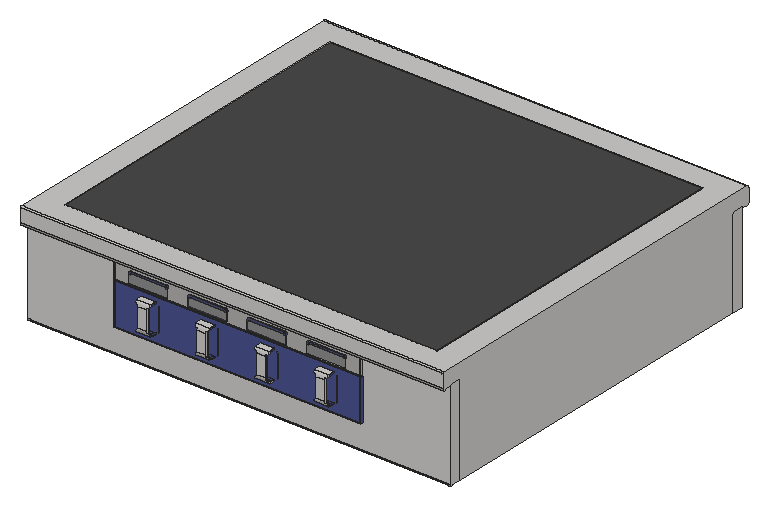
Revit family "QF_ELECTROLUXPROFESSIONAL_589018_MCCDAAJOAO", category Specialty Equipment, Revit 2018
Family settings
  Round Connector Dimension = Use Diameter
  Part Type = Normal
  Work Plane-Based = No
  Always vertical = Yes
  Cut with Voids When Loaded = No
  Shared = No
  Room Calculation Point = No
Parameters
  Weight in Pounds = 110.23
  Watts = 16000 VA  # 16000 W
  Volts = 400 V  # constant formula
  URL Cutsheet = ""
  Type Mark [instance] = ""
  Status [instance] = ""
  Specification by User [instance] = ""
  Specification by Manufacturer = ""
  Serial Number = ""
  Seismic Rating = ""
  SMACNA No = ""
  Revision Code [instance] = ""
  Phase = 3  # constant formula
  Omniclass Number and Title = ""
  Number of Poles [instance] = 1
  NAFEM Spec ID Number = ""
  Model = "589018"
  Min Ckt Ampacity = 0 A
  Max Overcurrent Protection = 0 A
  Masterspec = ""
  Manufacturer = "ELECTROLUX"
  Item Number [instance] = ""
  Installed By [instance] = ""
  Identify Quantity as Lot [instance] = yes
  HP = "21.5 HP"
  Furnished By [instance] = ""
  Foodservice Equipment Identifier [instance] = yes
  FL Amps [instance] = if(Phase = 3, Watts / (Volts * 1.73), Watts / Volts)  # 23.1214 A
  Electrical Remarks = "400 V/3N ph/50/60 Hz"  # constant formula
  Electric Connection Type [instance] = ""
  Elec Conn RI Height [instance] = 0 mm
  Elec Conn Connection Height [instance] = 0 mm
  Direct Waste Size = 0"
  Description = "INFRARED TOP,4 ZONE,1-SIDE,1000X900X250H"
  Cycle [instance] = if([60 Hertz Option], 60 Hz, 50 Hz)  # 60 Hz
  Conn Plug = ""
  Conn Conduit = yes
  CSI MasterFormat = ""
  CSI Master Format = ""
  Back Panel [instance] = yes
  Apparent Power [instance] = if(Phase = 3, Volts * FL Amps * 1.73, Volts * FL Amps)  # 16000 VA
  60 Hertz Option [instance] = not([50 Hertz Option])  # yes
  50 Hertz Option [instance] = no
Reference planes
  plane 1 "BACK": y = 0
  plane 2: z = 0
  plane 3 "LEFT": x = 0
  plane 4 "RIGHT": x = 1000
  plane 5 "FRONT": y = -900
  plane 6 "TOP": z = 250
  plane 7: x = 500
  plane 8: y = -450
  plane 9: x = 955
Forms (mm)
  Extrusion 1, solid, material "QF_Finishes_Stainless Steel"
    sketch origin (0, -487.128, 0) x (0, 1, 0) y (0, 0, 1)
      loop
        line (483.128, 250) -> (-408.872, 250)
        arc (-408.872, 250) -> (-411.7, 248.828) -> (-412.872, 246) r 4
        line (-412.872, 246) -> (-412.872, 214)
        arc (-412.872, 214) -> (-411.443, 210.936) -> (-408.177, 210.061) r 4
        line (-408.177, 210.061) -> (-391.509, 213) -> (-366.872, 213) -> (-366.872, 0) -> (441.128, 0) -> (441.128, 213) -> (465.765, 213) -> (482.433, 210.061)
        arc (482.433, 210.061) -> (485.699, 210.936) -> (487.128, 214) r 4
        line (487.128, 214) -> (487.128, 246)
        arc (487.128, 246) -> (485.956, 248.828) -> (483.128, 250) r 4
    from 0 to 1000
  Extrusion 2, solid, material "QF_Finishes_Stainless Steel", visible <- "Back Panel"
    sketch origin (0, 0, 0) x (0, 1, 0) y (0, 0, 1)
      loop
        line (-46, 0) -> (-20, 0) -> (-20, 213) -> (-46, 213) -> (-46, 0)
    from 0 to 1000
  Extrusion 3, void
    sketch origin (653.786, 44.048, 250) x (1, 0, 0) y (0, -1, 0)
      loop
        line (-593.786, 104.048) -> (286.214, 104.048) -> (286.214, 887.779) -> (-593.786, 887.779) -> (-593.786, 104.048)
    from 0 to 37
  Extrusion 4, solid, material "QF_Finishes_Stainless Steel"
    sketch origin (0, -854, 0) x (1, 0, 0) y (0, -1, 0)
      loop
        circle (955, -169) r 6.35
    from 0 to 3.2
  Extrusion 5, solid, material "QF_Finishes_Black"
    sketch origin (653.786, 44.048, 213) x (1, 0, 0) y (0, 1, 0)
      loop
        line (-593.786, -887.779) -> (286.214, -887.779) -> (286.214, -104.048) -> (-593.786, -104.048) -> (-593.786, -887.779)
    from 0 to 37
Cuts and joins
  Extrusion 3 cuts Extrusion 1
Lines and regions (mm)
  symbolic lines
    curve 1: line (0, 0, 0) -> (1000, 0, 0)
    curve 2: line (0, -900, 0) -> (0, 0, 0)
    curve 3: line (1000, -900, 0) -> (0, -900, 0)
    curve 4: line (1000, 0, 0) -> (1000, -900, 0)
    curve 5: line (940, -843.73, 0) -> (940, -60, 0)
    curve 6: line (940, -60, 0) -> (60, -60, 0)
    curve 7: line (60, -60, 0) -> (60, -843.73, 0)
    curve 8: line (60, -843.73, 0) -> (940, -843.73, 0)
    curve 9: line (273.641, -902.406, 0) -> (273.641, -900, 0)
    curve 10: spline (279.31, -903.811, 0) -> (278.831, -903.737, 0) -> (278.353, -903.656, 0) -> (277.876, -903.566, 0) -> (277.4, -903.469, 0) -> (276.925, -903.364, 0) -> (276.452, -903.25, 0) -> (275.98, -903.129, 0) -> (275.509, -903, 0) -> (275.039, -902.863, 0) -> (274.572, -902.719, 0) -> (274.105, -902.566, 0) -> (273.641, -902.406, 0)
    curve 11: line (305.857, -902.406, 0) -> (305.857, -900, 0)
    curve 12: spline (305.857, -902.406, 0) -> (305.392, -902.566, 0) -> (304.926, -902.719, 0) -> (304.458, -902.863, 0) -> (303.989, -903, 0) -> (303.518, -903.129, 0) -> (303.046, -903.25, 0) -> (302.572, -903.364, 0) -> (302.098, -903.469, 0) -> (301.622, -903.566, 0) -> (301.145, -903.656, 0) -> (300.667, -903.737, 0) -> (300.188, -903.811, 0)
    curve 13: line (279.31, -903.811, 0) -> (300.188, -903.811, 0)
    curve 14: line (413.892, -902.406, 0) -> (413.892, -900, 0)
    curve 15: spline (419.561, -903.811, 0) -> (419.082, -903.737, 0) -> (418.604, -903.656, 0) -> (418.127, -903.566, 0) -> (417.651, -903.469, 0) -> (417.177, -903.364, 0) -> (416.703, -903.25, 0) -> (416.231, -903.129, 0) -> (415.76, -903, 0) -> (415.29, -902.863, 0) -> (414.823, -902.719, 0) -> (414.357, -902.566, 0) -> (413.892, -902.406, 0)
    curve 16: line (446.108, -902.406, 0) -> (446.108, -900, 0)
    curve 17: spline (446.108, -902.406, 0) -> (445.643, -902.566, 0) -> (445.177, -902.719, 0) -> (444.71, -902.863, 0) -> (444.24, -903, 0) -> (443.769, -903.129, 0) -> (443.297, -903.25, 0) -> (442.823, -903.364, 0) -> (442.349, -903.469, 0) -> (441.873, -903.566, 0) -> (441.396, -903.656, 0) -> (440.918, -903.737, 0) -> (440.439, -903.811, 0)
    curve 18: line (419.561, -903.811, 0) -> (440.439, -903.811, 0)
    curve 19: line (726.359, -902.406, 0) -> (726.359, -900, 0)
    curve 20: spline (720.69, -903.811, 0) -> (721.169, -903.737, 0) -> (721.647, -903.656, 0) -> (722.124, -903.566, 0) -> (722.6, -903.469, 0) -> (723.075, -903.364, 0) -> (723.548, -903.25, 0) -> (724.02, -903.129, 0) -> (724.491, -903, 0) -> (724.961, -902.863, 0) -> (725.428, -902.719, 0) -> (725.895, -902.566, 0) -> (726.359, -902.406, 0)
    curve 21: line (694.143, -902.406, 0) -> (694.143, -900, 0)
    curve 22: spline (694.143, -902.406, 0) -> (694.608, -902.566, 0) -> (695.074, -902.719, 0) -> (695.542, -902.863, 0) -> (696.011, -903, 0) -> (696.482, -903.129, 0) -> (696.954, -903.25, 0) -> (697.428, -903.364, 0) -> (697.902, -903.469, 0) -> (698.378, -903.566, 0) -> (698.855, -903.656, 0) -> (699.333, -903.737, 0) -> (699.812, -903.811, 0)
    curve 23: line (720.69, -903.811, 0) -> (699.812, -903.811, 0)
    curve 24: line (586.108, -902.406, 0) -> (586.108, -900, 0)
    curve 25: spline (580.439, -903.811, 0) -> (580.918, -903.737, 0) -> (581.396, -903.656, 0) -> (581.873, -903.566, 0) -> (582.349, -903.469, 0) -> (582.823, -903.364, 0) -> (583.297, -903.25, 0) -> (583.769, -903.129, 0) -> (584.24, -903, 0) -> (584.71, -902.863, 0) -> (585.177, -902.719, 0) -> (585.643, -902.566, 0) -> (586.108, -902.406, 0)
    curve 26: line (553.892, -902.406, 0) -> (553.892, -900, 0)
    curve 27: spline (553.892, -902.406, 0) -> (554.357, -902.566, 0) -> (554.823, -902.719, 0) -> (555.29, -902.863, 0) -> (555.76, -903, 0) -> (556.231, -903.129, 0) -> (556.703, -903.25, 0) -> (557.177, -903.364, 0) -> (557.651, -903.469, 0) -> (558.127, -903.566, 0) -> (558.604, -903.656, 0) -> (559.082, -903.737, 0) -> (559.561, -903.811, 0)
    curve 28: line (580.439, -903.811, 0) -> (559.561, -903.811, 0)
Dimensions and locks
  plane 3 "LEFT" to plane 4 "RIGHT" = 1000 mm
  plane 5 "FRONT" to plane 1 "BACK" = 900 mm
  equal spacing: plane 3 "LEFT", plane 7, plane 4 "RIGHT"
  equal spacing: plane 5 "FRONT", plane 8, plane 1 "BACK"
  plane 6 "TOP" to level = 250 mm  (x2)
  plane 1 "BACK" to plane 5 "FRONT" = 900 mm
  Extrusion 4 sketch curve to plane 1 "BACK" = 685 mm
  Extrusion 4 sketch curve to plane 4 "RIGHT" = 45 mm
  plane 9 to plane 4 "RIGHT" = 45 mm
  plane 1 "BACK" to Extrusion 4 = 685 mm
  aligned and locked: level to plane 2
  aligned and locked: cut or joined group of Extrusion 1, Extrusion 3 to plane 4 "RIGHT"
  aligned and locked: Extrusion 2 to plane 4 "RIGHT"
  aligned and locked: plane 7 to nested 1
Automatic sketch dimensions
  Extrusion 1 sketch curve to plane 5 "FRONT" = 0 mm
  Extrusion 1 sketch curve to plane 6 "TOP" = 0 mm
  Extrusion 1 sketch curve to level = 0 mm
  Extrusion 1 sketch curve to plane 1 "BACK" = 0 mm
  Extrusion 1 sketch curve to plane 6 "TOP" = 37 mm  (x2)
  Extrusion 1 sketch curve to plane 5 "FRONT" = 4 mm
  Extrusion 1 sketch curve to plane 5 "FRONT" = 21.363 mm
  Extrusion 1 sketch curve to Extrusion 1 sketch curve = 24.637 mm
  plane 1 "BACK" to Extrusion 1 sketch curve = 46 mm
  plane 1 "BACK" to Extrusion 1 sketch curve = 21.363 mm
  plane 1 "BACK" to Extrusion 1 sketch curve = 4 mm  (x2)
  Extrusion 1 sketch curve to Extrusion 1 sketch curve = 4 mm
  Extrusion 1 sketch curve to Extrusion 1 sketch curve = 0.695 mm
  Extrusion 1 sketch curve to Extrusion 1 sketch curve = 0 mm  (x4)
  plane 1 "BACK" to Extrusion 1 sketch curve = 4.695 mm
  Extrusion 1 sketch curve to Extrusion 1 sketch curve = 1 mm  (x2)
  Extrusion 2 sketch curve to level = 0 mm
  Extrusion 2 sketch curve to Extrusion 2 sketch curve = 26 mm
  plane 1 "BACK" to curve 1 = 0 mm
  curve 1 to plane 4 "RIGHT" = 0 mm
  curve 2 to plane 3 "LEFT" = 0 mm
  plane 5 "FRONT" to curve 3 = 0 mm
  plane 4 "RIGHT" to curve 8 = 60 mm
  plane 5 "FRONT" to curve 19 = 2.406 mm
  curve 5 to curve 19 = 213.641 mm
  plane 5 "FRONT" to curve 23 = 3.811 mm
  curve 19 to curve 23 = 5.669 mm
  curve 20 to curve 23 = 20.878 mm
  plane 5 "FRONT" to curve 21 = 2.406 mm
  curve 23 to curve 21 = 5.669 mm
  plane 5 "FRONT" to curve 24 = 2.406 mm
  plane 7 to curve 24 = 86.108 mm
  plane 5 "FRONT" to curve 28 = 3.811 mm
  curve 24 to curve 28 = 5.669 mm
  curve 25 to curve 28 = 20.878 mm
  plane 5 "FRONT" to curve 26 = 2.406 mm
  curve 27 to curve 26 = 5.669 mm
  plane 5 "FRONT" to curve 16 = 2.406 mm
  curve 16 to plane 7 = 53.892 mm
  plane 5 "FRONT" to curve 18 = 3.811 mm
  curve 16 to curve 18 = 5.669 mm
  curve 18 to curve 18 = 20.878 mm
  plane 5 "FRONT" to curve 14 = 2.406 mm
  curve 15 to curve 14 = 5.669 mm
  plane 5 "FRONT" to curve 11 = 2.406 mm
  curve 14 to curve 11 = 108.035 mm
  plane 5 "FRONT" to curve 13 = 3.811 mm
  curve 11 to curve 13 = 5.669 mm
  curve 12 to curve 13 = 20.878 mm
  plane 5 "FRONT" to curve 9 = 2.406 mm
  curve 10 to curve 9 = 5.669 mm
  plane 3 "LEFT" to curve 7 = 60 mm
  plane 5 "FRONT" to curve 20 = 4.112 mm
  curve 20 to curve 20 = 4.17 mm
  plane 5 "FRONT" to curve 22 = 4.112 mm
  curve 22 to curve 22 = 4.17 mm
  curve 24 to curve 25 = 9.839 mm
  plane 5 "FRONT" to curve 27 = 4.112 mm
  curve 27 to curve 28 = 4.17 mm
  curve 16 to curve 17 = 9.839 mm
  curve 17 to curve 15 = 12.538 mm
  curve 11 to curve 12 = 9.839 mm
  curve 12 to curve 10 = 12.538 mm
  plane 1 "BACK" to curve 7 = 60 mm
  curve 8 to plane 5 "FRONT" = 56.27 mm
  curve 27 to curve 25 = 0 mm
  curve 12 to plane 5 "FRONT" = 39.02 mm
  curve 17 to plane 5 "FRONT" = 39.02 mm
  curve 15 to curve 17 = 0 mm
  curve 10 to curve 12 = 0 mm
  Extrusion 1 to Extrusion 3 sketch curve = 60 mm  (x2)
  Extrusion 1 to Extrusion 3 sketch curve = 52.27 mm
  Extrusion 1 to Extrusion 3 sketch curve = 56 mm
  Extrusion 5 sketch curve to Extrusion 3 = 0 mm  (x3)
  Extrusion 3 to Extrusion 5 sketch curve = 0 mm
  plane 1 "BACK" to Extrusion 2 sketch curve = 20 mm
  Extrusion 2 sketch curve to plane 6 "TOP" = 37 mm
  radius of Extrusion 4 sketch curve = 6.35 mm
Nested families
  nested 1: "IDT_900_1000 Front Panel fOUR cONTROLS" at (-100, -854, -650), type "IDT_900_1000 Front Panel fOUR cONTROLS"
Connectors
  electrical at (955, -685, -3.2), driven by "Volts", driven by "Watts"
    settings: on Extrusion 4, index 1, voltage 400 V, apparent load 16000 VA, apparent load phase1 0 VA, apparent load phase2 0 VA, apparent load phase3 0 VA, power factor 1, load classification "Other", number of poles 1, system type 30, power factor state 1, is connector primary yes, connector utility no, sub classification motor no, connector description "ELECTRICAL CONNECTION"
Definition of nested family "IDT_900_1000 Front Panel fOUR cONTROLS"
  Parameters
    Keynote = ""
  Reference planes
    plane 1 "Center (Front/Back)": y = 0
    plane 2: z = 0
    plane 3 "Center (Left/Right)": x = 100
    plane 4: x = 600
    plane 5: x = 389.749
    plane 6: x = 530
    plane 7: x = 670.079
    plane 8: x = 809.948
  Forms (mm)
    Extrusion 1, void
      sketch origin (1213.217, 829.203, -1.25) x (1, 0, 0) y (0, 0, 1)
        loop
          line (-321.217, 853.25) -> (-905.217, 853.25) -> (-905.217, 711.25) -> (-321.217, 711.25) -> (-321.217, 853.25)
      from 843.409 to 854.203
    Extrusion 2, solid
      sketch origin (1133.217, 829.203, -1.25) x (0, 1, 0) y (0, 0, 1)
        loop
          arc (-854.203, 654.25) -> (-853.324, 652.129) -> (-851.203, 651.25) r 3
          line (-851.203, 651.25) -> (-829.203, 651.25) -> (-829.203, 864.25) -> (-854.203, 864.25) -> (-854.203, 654.25)
      from -1033.217 to -33.217
  Nested families
    nested 1: "1200 Glass Panel with Four Reads" at (308, -30, 5.811), type "1200 Glass Panel with Four Reads"
    nested 2: "Sml  Range Control Handle" at (389.749, -26.645, -204.867), type "Sml  Range Control Handle"
    nested 3: "Sml  Range Control Handle" at (529.638, -26.645, -204.867), type "Sml  Range Control Handle"
    nested 4: "Sml  Range Control Handle" at (670.079, -26.645, -204.867), type "Sml  Range Control Handle"
    nested 5: "Sml  Range Control Handle" at (810.079, -26.645, -204.867), type "Sml  Range Control Handle"
  Definition of nested family "1200 Glass Panel with Four Reads"
    Reference planes
      plane 1 "Center (Front/Back)": y = 0
      plane 2: z = 0
      plane 3 "Center (Left/Right)": x = 0
      plane 4: x = 584
      plane 5: x = 581.091
      plane 6 "Top": z = 846.189
      plane 7 "Center": x = 292
    Forms (mm)
      Extrusion 1, solid
        sketch origin (550.286, 304.8, -4.308) x (1, 0, 0) y (0, 0, 1)
          loop
            line (-550.286, 806.791) -> (-550.286, 708.497) -> (33.714, 708.497) -> (33.714, 806.791) -> (-550.286, 806.791)
        from 300.031 to 304.8
      Extrusion 2, solid
        sketch origin (550.286, 304.8, -4.308) x (1, 0, 0) y (0, 0, 1)
          loop
            line (-550.286, 850.497) -> (-550.286, 806.791) -> (33.714, 806.791) -> (33.714, 850.497) -> (-550.286, 850.497)
        from 300.031 to 304.8
      Extrusion 3, void
        sketch origin (550.286, 304.8, -4.308) x (1, 0, 0) y (0, 0, 1)
          loop
            line (-547.628, 847.565) -> (-547.628, 710.699) -> (30.804, 710.699) -> (30.804, 847.565) -> (-547.628, 847.565)
        from 303.697 to 304.8
      Extrusion 4, solid, not visible
        sketch origin (550.286, 305.901, -4.308) x (1, 0, 0) y (0, 0, 1)
          loop
            line (-153.041, 812.62) -> (-153.041, 834.177) -> (-157.775, 834.177) -> (-159.574, 835.977) -> (-238.324, 835.977) -> (-240.124, 834.177) -> (-245.041, 834.177) -> (-245.041, 812.62) -> (-153.041, 812.62)
        from 304.798 to 306.745
      Extrusion 5, solid, not visible
        sketch origin (550.286, 305.901, -4.308) x (1, 0, 0) y (0, 0, 1)
          loop
            line (-240.027, 834.177) -> (-238.227, 835.977) -> (-159.594, 835.977) -> (-157.794, 834.177) -> (-153.083, 834.177)
            arc (-153.083, 834.177) -> (-154.26, 838.752) -> (-158.535, 840.763) r 5.549
            line (-158.535, 840.763) -> (-239.444, 840.763)
            arc (-239.444, 840.763) -> (-243.699, 838.747) -> (-244.835, 834.177) r 5.5
            line (-244.835, 834.177) -> (-240.027, 834.177)
        from 304.798 to 306.745
      Extrusion 6, solid
        sketch origin (700.989, 305.901, -4.308) x (1, 0, 0) y (0, 0, 1)
          loop
            line (-153.041, 812.62) -> (-153.041, 834.177) -> (-157.775, 834.177) -> (-159.574, 835.977) -> (-238.324, 835.977) -> (-240.124, 834.177) -> (-245.041, 834.177) -> (-245.041, 812.62) -> (-153.041, 812.62)
        from 304.798 to 306.745
      Extrusion 7, solid
        sketch origin (700.989, 305.901, -4.308) x (1, 0, 0) y (0, 0, 1)
          loop
            line (-240.027, 834.177) -> (-238.227, 835.977) -> (-159.594, 835.977) -> (-157.794, 834.177) -> (-153.083, 834.177)
            arc (-153.083, 834.177) -> (-154.26, 838.752) -> (-158.535, 840.763) r 5.549
            line (-158.535, 840.763) -> (-239.444, 840.763)
            arc (-239.444, 840.763) -> (-243.699, 838.747) -> (-244.835, 834.177) r 5.5
            line (-244.835, 834.177) -> (-240.027, 834.177)
        from 304.798 to 306.745
      Extrusion 8, solid
        sketch origin (560.989, 305.901, -4.308) x (1, 0, 0) y (0, 0, 1)
          loop
            line (-153.041, 812.62) -> (-153.041, 834.177) -> (-157.775, 834.177) -> (-159.574, 835.977) -> (-238.324, 835.977) -> (-240.124, 834.177) -> (-245.041, 834.177) -> (-245.041, 812.62) -> (-153.041, 812.62)
        from 304.798 to 306.745
      Extrusion 9, solid
        sketch origin (560.989, 305.901, -4.308) x (1, 0, 0) y (0, 0, 1)
          loop
            line (-240.027, 834.177) -> (-238.227, 835.977) -> (-159.594, 835.977) -> (-157.794, 834.177) -> (-153.083, 834.177)
            arc (-153.083, 834.177) -> (-154.26, 838.752) -> (-158.535, 840.763) r 5.549
            line (-158.535, 840.763) -> (-239.444, 840.763)
            arc (-239.444, 840.763) -> (-243.699, 838.747) -> (-244.835, 834.177) r 5.5
            line (-244.835, 834.177) -> (-240.027, 834.177)
        from 304.798 to 306.745
      Extrusion 10, solid
        sketch origin (700.989, 305.901, -4.308) x (1, 0, 0) y (0, 0, 1)
          loop
            line (-665.188, 812.62) -> (-573.188, 812.62) -> (-573.188, 834.177) -> (-578.105, 834.177) -> (-579.905, 835.977) -> (-658.655, 835.977) -> (-660.455, 834.177) -> (-665.188, 834.177) -> (-665.188, 812.62)
        from 304.798 to 306.745
      Extrusion 11, solid
        sketch origin (700.989, 305.901, -4.308) x (1, 0, 0) y (0, 0, 1)
          loop
            line (-578.203, 834.177) -> (-573.394, 834.177)
            arc (-573.394, 834.177) -> (-574.53, 838.747) -> (-578.786, 840.763) r 5.5
            line (-578.786, 840.763) -> (-659.695, 840.763)
            arc (-659.695, 840.763) -> (-663.97, 838.752) -> (-665.146, 834.177) r 5.549
            line (-665.146, 834.177) -> (-660.435, 834.177) -> (-658.636, 835.977) -> (-580.003, 835.977) -> (-578.203, 834.177)
        from 304.798 to 306.745
      Extrusion 12, solid
        sketch origin (560.989, 305.901, -4.308) x (1, 0, 0) y (0, 0, 1)
          loop
            line (-385.188, 812.62) -> (-293.188, 812.62) -> (-293.188, 834.177) -> (-298.105, 834.177) -> (-299.905, 835.977) -> (-378.655, 835.977) -> (-380.455, 834.177) -> (-385.188, 834.177) -> (-385.188, 812.62)
        from 304.798 to 306.745
      Extrusion 13, solid
        sketch origin (560.989, 305.901, -4.308) x (1, 0, 0) y (0, 0, 1)
          loop
            line (-298.203, 834.177) -> (-293.394, 834.177)
            arc (-293.394, 834.177) -> (-294.53, 838.747) -> (-298.786, 840.763) r 5.5
            line (-298.786, 840.763) -> (-379.695, 840.763)
            arc (-379.695, 840.763) -> (-383.97, 838.752) -> (-385.146, 834.177) r 5.549
            line (-385.146, 834.177) -> (-380.435, 834.177) -> (-378.636, 835.977) -> (-300.003, 835.977) -> (-298.203, 834.177)
        from 304.798 to 306.745
    Cuts and joins
      Extrusion 3 cuts Extrusion 1
      Extrusion 3 cuts Extrusion 2
    Lines and regions (mm)
      symbolic lines
        curve 1: line (0, 4.769, 0) -> (584, 4.769, 0)
    Dimensions and locks
      aligned and locked: Extrusion 1 to Extrusion 2
      aligned and locked: Extrusion 6 to Extrusion 7
      aligned and locked: Extrusion 8 to Extrusion 9
      aligned and locked: Extrusion 10 to Extrusion 11
      aligned and locked: Extrusion 12 to Extrusion 13
  Definition of nested family "Sml  Range Control Handle"
    Reference planes
      plane 1 "Center (Front/Back)": y = 0
      plane 2: z = 0
      plane 3 "Center (Left/Right)": x = 0
      plane 4: z = 971.092
    Forms (mm)
      Extrusion 1, solid
        sketch origin (-746.28, 380.497, 208.931) x (-1, 0, 0) y (0, 0, 1)
          loop
            line (-770.101, 786.798) -> (-770.101, 731.649)
            arc (-770.101, 731.649) -> (-769.759, 730.563) -> (-768.855, 729.87) r 1.893
            line (-768.855, 729.87) -> (-763.474, 727.911) -> (-729.81, 727.911) -> (-724.428, 729.87)
            arc (-724.428, 729.87) -> (-723.525, 730.563) -> (-723.183, 731.649) r 1.893
            line (-723.183, 731.649) -> (-723.183, 786.798)
            arc (-723.183, 786.798) -> (-723.529, 787.894) -> (-724.44, 788.593) r 1.91
            line (-724.44, 788.593) -> (-729.683, 790.819) -> (-763.601, 790.819) -> (-768.844, 788.593)
            arc (-768.844, 788.593) -> (-769.755, 787.894) -> (-770.101, 786.798) r 1.91
        from -382.35 to -378.852
      Sweep 2, solid
        path origin (-746.788, 380.496, 208.091) x (0, -1, 0) y (0, 0, 1)
          loop
            line (379.775, 793.281) -> (395.661, 791.048)
            arc (395.661, 791.048) -> (397.781, 787.377) -> (398.517, 783.202) r 12.207
            line (398.517, 783.202) -> (398.517, 737.368)
            arc (398.517, 737.368) -> (397.781, 733.193) -> (395.661, 729.522) r 12.207
            line (395.661, 729.522) -> (379.775, 727.289)
        profile origin (-746.788, -7.222, 1000.256) x (0, -0.139173, 0.990268) y (-1, 0, 0)
          loop
            line (0.782, -763.123) -> (0.782, -730.907) -> (-1.322, -730.907) -> (-1.322, -763.123) -> (0.782, -763.123)
      Sweep 3, solid
        path origin (-746.788, 380.715, 207.832) x (0, -1, 0) y (0, 0, 1)
          loop
            line (380.478, 795.442) -> (397.218, 793.09)
            arc (397.218, 793.09) -> (399.929, 788.473) -> (400.871, 783.202) r 15.207
            line (400.871, 783.202) -> (400.871, 737.584)
            arc (400.871, 737.584) -> (399.914, 732.274) -> (397.164, 727.633) r 15.207
            line (397.164, 727.633) -> (380.601, 725.305)
        profile origin (-746.788, -8.132, 1002.099) x (0, -0.139173, 0.990268) y (-1, 0, 0)
          loop
            line (0.782, -763.123) -> (0.782, -730.907) -> (-1.322, -730.907) -> (-1.322, -763.123) -> (0.782, -763.123)
      Extrusion 4, void
        sketch origin (889.253, 220.666, 207.993) x (1, 0, 0) y (0, 0, 1)
          loop
            line (-943.038, 816.854) -> (-943.038, 703.686) -> (-899.466, 734.196) -> (-899.466, 786.344) -> (-943.038, 816.854)
        from 230.636 to 242.25
      Extrusion 5, void
        sketch origin (-888.8, 220.666, 207.993) x (-1, 0, 0) y (0, 0, -1)
          loop
            line (-943.038, -816.854) -> (-899.466, -786.344) -> (-899.466, -734.196) -> (-943.038, -703.686) -> (-943.038, -816.854)
        from 230.636 to 242.25
      Extrusion 6, solid
        sketch origin (0, 0, 0) x (1, 0, 0) y (0, 0, 1)
          loop
            circle (0, 971.092) r 7.736
        from -3.137 to -1.645
    Cuts and joins
      Extrusion 4, Extrusion 5 cuts Sweep 3
      Extrusion 4, Extrusion 5 cuts Sweep 2
      joined: Extrusion 1, Extrusion 6
    Lines and regions (mm)
      symbolic lines
        curve 1: line (23.821, 1.645, 0) -> (-23.097, 1.645, 0)
        curve 2: line (16.334, -1.853, 0) -> (23.821, -1.853, 0)
        curve 3: line (-15.881, -19.189, 0) -> (-15.881, -1.853, 0)
        curve 4: line (-23.097, -1.853, 0) -> (-15.881, -1.853, 0)
        curve 5: line (16.334, -19.189, 0) -> (16.334, -1.853, 0)
        curve 6: spline (-15.881, -19.189, 0) -> (-15.417, -19.349, 0) -> (-14.951, -19.501, 0) -> (-14.483, -19.646, 0) -> (-14.014, -19.783, 0) -> (-13.543, -19.912, 0) -> (-13.071, -20.033, 0) -> (-12.597, -20.146, 0) -> (-12.122, -20.251, 0) -> (-11.646, -20.349, 0) -> (-11.169, -20.438, 0) -> (-10.691, -20.52, 0) -> (-10.213, -20.593, 0)
        curve 7: spline (10.666, -20.593, 0) -> (11.144, -20.52, 0) -> (11.622, -20.438, 0) -> (12.099, -20.349, 0) -> (12.575, -20.251, 0) -> (13.05, -20.146, 0) -> (13.524, -20.033, 0) -> (13.996, -19.912, 0) -> (14.467, -19.783, 0) -> (14.936, -19.646, 0) -> (15.404, -19.501, 0) -> (15.87, -19.349, 0) -> (16.334, -19.189, 0)
        curve 8: line (-10.213, -20.938, 0) -> (10.716, -20.938, 0)
        curve 9: line (-23.097, 1.645, 0) -> (-23.097, -1.853, 0)
        curve 10: line (23.821, 1.645, 0) -> (23.821, -1.853, 0)
    Dimensions and locks
      cut or joined group of Sweep 3, Extrusion 4, Extrusion 5 to cut or joined group of Sweep 3, Extrusion 4, Extrusion 5 = 71.686 mm
